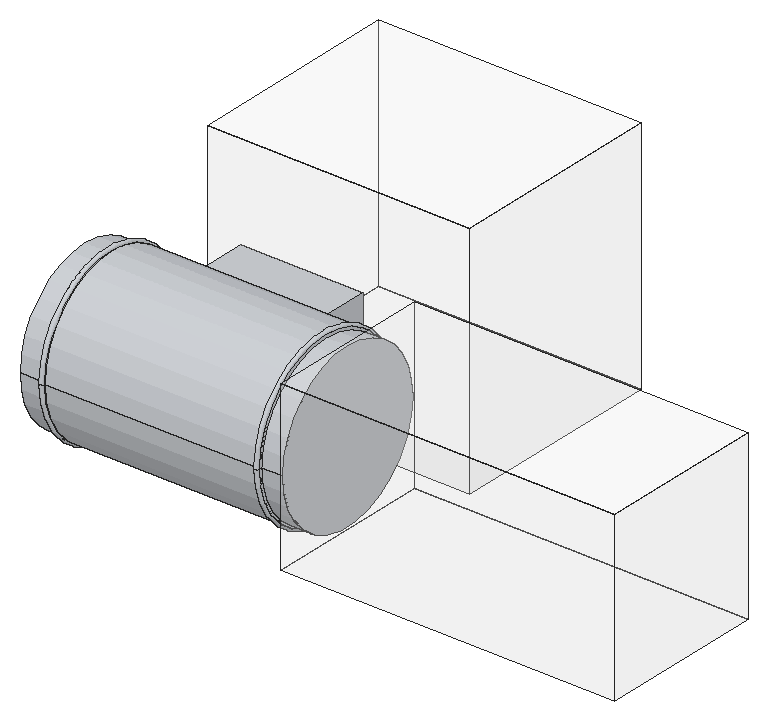
Revit family "SA_VAV", category ダクト付属品, Revit 2022
Family settings
  丸型コネクタ寸法 = 直径を使用
  パーツ タイプ = 割り込み
  OmniClass 番号 = 23.75.00.00
  OmniClass タイトル = Climate Control (HVAC)
  作業面ベース = いいえ
  常に垂直 = はい
  ロード時にボイドで切り取り = いいえ
  共有 = いいえ
Parameters (values of type "MW型")
  風量 [instance] = 0.0 L/s
  静圧 [instance] = 0.0 Pa
  Description = ""
  記号 [instance] = ""
  系統 = ""
  符号 = "可変風量ユニット"
  種別 = ""
  機器メーカー名 = "協立エアテック"
  既定の高さ = 0 mm
  接続部 [instance] = ダクト径 - 10 mm  # 340 mm
  形式 = "MW型"
  対象室 [instance] = ""
  呼称 = "VAV"
  メンテナンススペース [instance] = yes
  メンテ_W [instance] = ダクト径 * 2  # 700 mm
  メンテ_H [instance] = ダクト径  # 350 mm
  メンテ_D [instance] = ダクト径  # 350 mm
  ダクト径 [instance] = 350 mm
  VAV長さ [instance] = if(ダクト径 > 200 mm, 550 mm, 450 mm)  # 550 mm
  ダクト半径 [instance] = ダクト径 / 2  # 175 mm
  Type Comments = ""
  MIN風量 = 0.0 L/s
  MIN静圧 = 0.0 Pa
  MAX風量 = 0.0 L/s
  MAX静圧 = 0.0 Pa
  2D [instance] = yes
Reference planes
  plane 1 "中心(正面/背面)": y = 0
  plane 2: z = 0
  plane 3 "中心(左/右)": x = 0
  plane 4 "長_左": x = -275
  plane 5 "長-右": x = 275
  plane 6 "紐-右": x = 230
  plane 7: y = 175
  plane 8: y = 175
  plane 9: y = 175
  plane 10 "制御-あ": y = 175
  plane 11 "制御-い": y = 320
  plane 12 "制御-端": x = -205
  plane 13 "紐-左": x = -230
  plane 14: y = -106.315
Forms (mm)
  Revolve 1, solid
    sketch origin (0, 0, 0) x (1, 0, 0) y (0, 1, 0)
      loop
        line (-230, 175) -> (-230, 0) -> (230, 0) -> (230, 175) -> (-230, 175)
      axis (-230, 0) -> (230, 0)
    angle from 0 to 360
  Extrusion 2, solid
    sketch origin (-36.5, 45, 0) x (1, 0, 0) y (0, 1, 0)
      loop
        line (-168.5, 275) -> (-168.5, 130) -> (86.5, 130) -> (86.5, 275) -> (-168.5, 275)
    from -50 to 50
  Revolve 3, solid
    sketch origin (-340, 0, 0) x (1, 0, 0) y (0, 1, 0)
      loop
        arc (120, 175) -> (115, 180) -> (110, 175) r 5
        line (110, 175) -> (110, 0) -> (120, 0) -> (120, 175)
      axis (120, 0) -> (110, 0)
    angle from 0 to 360
  Revolve 4, solid
    sketch origin (-340, 0, 0) x (1, 0, 0) y (0, 1, 0)
      loop
        arc (570, 175) -> (565, 180) -> (560, 175) r 5
        line (560, 175) -> (560, 0) -> (570, 0) -> (570, 175)
      axis (570, 0) -> (560, 0)
    angle from 0 to 360
  Extrusion 5, solid
    sketch origin (0, 0, 0) x (0, 1, 0) y (0, 0, 1)
      loop
        circle (0, 0) r 170
    from 230 to 275
  Extrusion 6, solid
    sketch origin (0, 0, 0) x (0, 1, 0) y (0, 0, 1)
      loop
        circle (0, 0) r 170
    from -275 to -230
Lines and regions (mm)
  model lines, style "メンテナンススペース", visible <- "メンテナンススペース"
    curve 1: line (-275, 770, 0) -> (275, 320, 0)
    curve 2: line (275, 770, 0) -> (-275, 320, 0)
Dimensions and locks
  "ダクト半径": plane 1 "中心(正面/背面)" to plane 7
  "ダクト半径": plane 8 to plane 1 "中心(正面/背面)"
  "ダクト半径": plane 1 "中心(正面/背面)" to plane 9
  "ダクト半径": plane 1 "中心(正面/背面)" to plane 10 "制御-あ"
  locked: plane 11 "制御-い" to plane 10 "制御-あ" at 145
  locked: Extrusion 2 to Extrusion 2 at 255
  locked: Revolve 4 sketch curve to Revolve 4 sketch curve at 10
  locked: plane 6 "紐-右" to plane 5 "長-右" at 45
  locked: Revolve 3 sketch curve to Revolve 3 sketch curve at 10
  locked: plane 4 "長_左" to plane 12 "制御-端" at 70
  locked: plane 4 "長_左" to plane 13 "紐-左" at 45
  "ダクト径": plane 10 "制御-あ" to nested 3
  equal spacing: plane 10 "制御-あ", plane 1 "中心(正面/背面)", nested 3
  equal spacing: plane 13 "紐-左", plane 3 "中心(左/右)", plane 6 "紐-右"
  "VAV長さ": plane 4 "長_左" to plane 5 "長-右"
  "接続部": diameter of Extrusion 5 sketch curve
  "接続部": diameter of Extrusion 6 sketch curve
  aligned and locked: level to plane 2
  aligned and locked: Revolve 1 sketch curve to plane 7
  aligned and locked: Extrusion 2 to plane 10 "制御-あ"
  aligned and locked: plane 11 "制御-い" to Extrusion 2
  aligned and locked: Extrusion 2 to plane 12 "制御-端"
  aligned and locked: plane 6 "紐-右" to Revolve 4 sketch curve
  aligned and locked: nested 1 to plane 5 "長-右"
  aligned and locked: plane 3 "中心(左/右)" to nested 2
  aligned and locked: nested 2 to plane 11 "制御-い"
  aligned and locked: nested 2 to curve 2
  aligned and locked: curve 2 to nested 2
  aligned and locked: nested 2 to curve 1  (x2)
  aligned and locked: plane 13 "紐-左" to Revolve 3 sketch curve
  aligned and locked: nested 3 to plane 13 "紐-左"
  aligned and locked: plane 6 "紐-右" to nested 3
  aligned and locked: nested 3 to plane 10 "制御-あ"
  aligned and locked: Revolve 1 to plane 6 "紐-右"
  aligned and locked: Extrusion 5 to plane 5 "長-右"
  aligned and locked: Extrusion 5 to plane 6 "紐-右"
  aligned and locked: plane 4 "長_左" to Extrusion 6
  aligned and locked: Extrusion 6 to plane 13 "紐-左"
Automatic sketch dimensions
  Extrusion 2 sketch curve to plane 3 "中心(左/右)" = 205 mm
  plane 3 "中心(左/右)" to Extrusion 2 sketch curve = 50 mm
  plane 10 "制御-あ" to Extrusion 2 sketch curve = 145 mm
  curve 1 to plane 5 "長-右" = 0 mm
  curve 2 to plane 11 "制御-い" = 0 mm
  plane 11 "制御-い" to curve 2 = 450 mm
  curve 1 to curve 2 = 0 mm
  Extrusion 2 sketch curve to plane 10 "制御-あ" = 0 mm
  Extrusion 5 sketch curve to level = 0 mm
  Extrusion 5 sketch curve to plane 1 "中心(正面/背面)" = 0 mm
  Revolve 1 sketch curve to plane 13 "紐-左" = 0 mm
  plane 1 "中心(正面/背面)" to Revolve 1 sketch curve = 0 mm  (x2)
  Revolve 1 sketch curve to plane 6 "紐-右" = 0 mm
  Revolve 1 sketch curve to plane 5 "長-右" = 0 mm
  Revolve 1 sketch curve to plane 3 "中心(左/右)" = 50 mm
  plane 1 "中心(正面/背面)" to Revolve 3 sketch curve = 0 mm  (x2)
  Revolve 3 sketch curve to plane 9 = 0 mm
  Revolve 3 sketch curve to Revolve 3 sketch curve = 1.321 mm
  plane 3 "中心(左/右)" to Revolve 3 sketch curve = 33.679 mm
  plane 1 "中心(正面/背面)" to Revolve 4 sketch curve = 0 mm  (x2)
  Revolve 4 sketch curve to plane 8 = 0 mm
  Revolve 4 sketch curve to plane 3 "中心(左/右)" = 26.321 mm
  Revolve 4 sketch curve to Revolve 4 sketch curve = 3.679 mm
  Extrusion 6 sketch curve to level = 0 mm
  Extrusion 6 sketch curve to plane 1 "中心(正面/背面)" = 0 mm
Nested families
  nested 1: "2D" at (625, 0, 0), visible <- "2D", type "サービススペース"
    with Width 700 mm, Height 350 mm, Depth 350 mm
  nested 2: "メンテナンススペース" at (0, 545, 0), visible <- "メンテナンススペース", type "サービススペース"
    with Width 550 mm, Depth 450 mm
  nested 3: "塗り潰し" at (0, 0, 0), type "塗り潰し"
    with W 460 mm, D 350 mm
  nested 4: "文字ファミリ_一般注釈" at (543.431, 313.007, 0), visible <- "2D", type "文字ファミリ_一般注釈"
Connectors
  hvac at (230, 0, 0), driven by "ダクト径", driven by "風量"
    settings: index 1, duct flow 0.0 L/s, flow factor 0, pres drop 0.0 Pa, loss coef 0, conn angle 0.00°, conn width 304.8 mm, conn height 304.8 mm, conn diameter 350 mm, duct sys type 29, conn prof type 0, flow config 0, flow direction 1, loss method 0, conn ref index 2, conn util no, is conn primary yes, conn desc ""
  hvac at (-230, 0, 0), driven by "ダクト径", driven by "風量"
    settings: index 2, duct flow 0.0 L/s, flow factor 0, pres drop 0.0 Pa, loss coef 0, conn angle 0.00°, conn width 304.8 mm, conn height 304.8 mm, conn diameter 350 mm, duct sys type 29, conn prof type 0, flow config 0, flow direction 2, loss method 0, conn ref index 1, conn util no, is conn primary no, conn desc ""
Definition of nested family "2D"
  Parameters (values of type "サービススペース")
    Default Elevation = 0 mm
    Width = 500 mm
    Height = 500 mm
    Depth = 500 mm
  Reference planes
    plane 1 "中心(正面/背面)": y = 0
    plane 2: z = 0
    plane 3 "中心(左/右)": x = 0
    plane 4: y = -250
    plane 5: x = 250
    plane 6: y = 250
    plane 7: x = -250
    plane 8: z = 250
    plane 9: z = -250
  Forms (mm)
    Extrusion 1, solid
      sketch origin (-638.939, 0, 72.39) x (1, 0, 0) y (0, 1, 0)
        loop
          line (388.939, 250) -> (388.939, -250) -> (888.939, -250) -> (888.939, 250) -> (388.939, 250)
      from -322.39 to 177.61
  Lines and regions (mm)
    symbolic lines
      curve 1: line (-250, 0, 250) -> (250, 0, 250)
      curve 2: line (-250, 0, -250) -> (-250, 0, 250)
      curve 3: line (250, 0, -250) -> (-250, 0, -250)
      curve 4: line (250, 0, 250) -> (250, 0, -250)
      curve 5: line (0, -250, 250) -> (0, 250, 250)
      curve 6: line (0, -250, -250) -> (0, -250, 250)
      curve 7: line (0, 250, -250) -> (0, -250, -250)
      curve 8: line (0, 250, 250) -> (0, 250, -250)
      curve 9: line (-250, 250, 0) -> (250, 250, 0)
      curve 10: line (-250, -250, 0) -> (-250, 250, 0)
      curve 11: line (250, -250, 0) -> (-250, -250, 0)
      curve 12: line (250, 250, 0) -> (250, -250, 0)
  Dimensions and locks
    equal spacing: plane 7, plane 3 "中心(左/右)", plane 5
    equal spacing: plane 4, plane 1 "中心(正面/背面)", plane 6
    "Depth": plane 4 to plane 6
    "Width": plane 7 to plane 5
    equal spacing: plane 8, plane 2, plane 9
    "Height": plane 8 to plane 9
    aligned and locked: plane 9 to curve 3
    aligned and locked: plane 7 to curve 2
    aligned and locked: curve 4 to plane 5
    aligned and locked: plane 5 to Extrusion 1
    aligned and locked: Extrusion 1 to plane 7
    aligned and locked: Extrusion 1 to plane 9
    aligned and locked: plane 8 to Extrusion 1
    aligned and locked: plane 9 to curve 7
  Automatic sketch dimensions
    plane 4 to Extrusion 1 sketch curve = 0 mm
    Extrusion 1 sketch curve to plane 7 = 0 mm
    Extrusion 1 sketch curve to plane 5 = 0 mm
    plane 6 to Extrusion 1 sketch curve = 0 mm
    curve 2 to plane 8 = 0 mm
    plane 4 to curve 11 = 0 mm
    curve 11 to plane 7 = 0 mm
    curve 11 to plane 5 = 0 mm
    plane 6 to curve 10 = 0 mm
    curve 7 to plane 4 = 0 mm
    curve 7 to plane 6 = 0 mm
    curve 6 to plane 8 = 0 mm
Definition of nested family "メンテナンススペース"
  Parameters (values of type "サービススペース")
    Default Elevation = 0 mm
    Width = 500 mm
    Height = 500 mm
    Depth = 500 mm
  Reference planes
    plane 1 "中心(正面/背面)": y = 0
    plane 2: z = 0
    plane 3 "中心(左/右)": x = 0
    plane 4: y = -250
    plane 5: x = 250
    plane 6: y = 250
    plane 7: x = -250
    plane 8: z = 250
    plane 9: z = -250
  Forms (mm)
    Extrusion 1, solid
      sketch origin (-638.939, 0, 72.39) x (1, 0, 0) y (0, 1, 0)
        loop
          line (388.939, 250) -> (388.939, -250) -> (888.939, -250) -> (888.939, 250) -> (388.939, 250)
      from -322.39 to 177.61
  Lines and regions (mm)
    symbolic lines
      curve 1: line (-250, 0, 250) -> (250, 0, 250)
      curve 2: line (-250, 0, -250) -> (-250, 0, 250)
      curve 3: line (250, 0, -250) -> (-250, 0, -250)
      curve 4: line (250, 0, 250) -> (250, 0, -250)
      curve 5: line (0, -250, 250) -> (0, 250, 250)
      curve 6: line (0, -250, -250) -> (0, -250, 250)
      curve 7: line (0, 250, -250) -> (0, -250, -250)
      curve 8: line (0, 250, 250) -> (0, 250, -250)
      curve 9: line (-250, 250, 0) -> (250, 250, 0)
      curve 10: line (-250, -250, 0) -> (-250, 250, 0)
      curve 11: line (250, -250, 0) -> (-250, -250, 0)
      curve 12: line (250, 250, 0) -> (250, -250, 0)
  Dimensions and locks
    equal spacing: plane 7, plane 3 "中心(左/右)", plane 5
    equal spacing: plane 4, plane 1 "中心(正面/背面)", plane 6
    "Depth": plane 4 to plane 6
    "Width": plane 7 to plane 5
    equal spacing: plane 8, plane 2, plane 9
    "Height": plane 8 to plane 9
    aligned and locked: plane 9 to curve 3
    aligned and locked: plane 7 to curve 2
    aligned and locked: curve 4 to plane 5
    aligned and locked: plane 5 to Extrusion 1
    aligned and locked: Extrusion 1 to plane 7
    aligned and locked: Extrusion 1 to plane 9
    aligned and locked: plane 8 to Extrusion 1
    aligned and locked: plane 9 to curve 7
  Automatic sketch dimensions
    plane 4 to Extrusion 1 sketch curve = 0 mm
    Extrusion 1 sketch curve to plane 7 = 0 mm
    Extrusion 1 sketch curve to plane 5 = 0 mm
    plane 6 to Extrusion 1 sketch curve = 0 mm
    curve 2 to plane 8 = 0 mm
    plane 4 to curve 11 = 0 mm
    curve 11 to plane 7 = 0 mm
    curve 11 to plane 5 = 0 mm
    plane 6 to curve 10 = 0 mm
    curve 7 to plane 4 = 0 mm
    curve 7 to plane 6 = 0 mm
    curve 6 to plane 8 = 0 mm
Definition of nested family "塗り潰し"
  Parameters (values of type "塗り潰し")
    W [instance] = 200 mm
    D [instance] = 200 mm
  Reference planes
    plane 1 "中心(正面/背面)": y = 0
    plane 2: z = 0
    plane 3 "中心(左/右)": x = 0
    plane 4: x = -100
    plane 5: x = 100
    plane 6: y = 100
    plane 7: y = -100
  Lines and regions (mm)
    Filled region 1, type "塗り潰し", in view "参照レベル"
      outline origin (0, 0, 0) x (1, 0, 0) y (0, 1, 0)
        loop
          line (100, -100) -> (100, 100) -> (-100, 0) -> (100, -100)
  Dimensions and locks
    equal spacing: plane 7, plane 1 "中心(正面/背面)", plane 6
    "D": plane 7 to plane 6
    equal spacing: plane 4, plane 3 "中心(左/右)", plane 5
    "W": plane 4 to plane 5
  Automatic sketch dimensions
    Filled region 1 sketch curve to plane 5 = 0 mm
    plane 7 to Filled region 1 sketch curve = 0 mm
    plane 1 "中心(正面/背面)" to Filled region 1 sketch curve = 0 mm
    plane 6 to Filled region 1 sketch curve = 0 mm
    Filled region 1 sketch curve to plane 4 = 0 mm
Definition of nested family "文字ファミリ_一般注釈"
  Parameters (values of type "文字ファミリ_一般注釈")
    文字 = ""
  Reference planes
    plane 1: y = 0
    plane 2: x = 0
  Text (mm)
    label "文字" at (-2.342, -0.04, 0), shows "文字"
